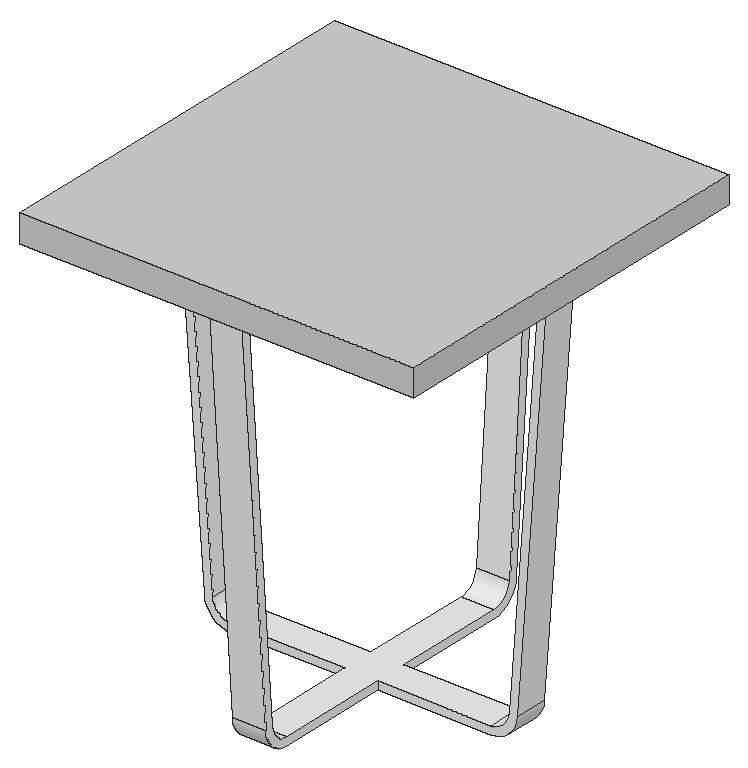
Revit family
Parameters (values of type "18"")
  Width = 1' - 6"
  URL = "http://elanbydecca.com/"
  Top [instance] = Furniture - DECCA (Elan) - Float - Top
  Base [instance] = Furniture - DECCA (Elan) - Float - Base
  Product URL = "http://elanbydecca.com/PDFs/elan_tearsheet-float.pdf"
  Model = "FT ST200"
  Manufacturer = "Decca Contract"
  Height = 1' - 8"  # constant formula
  Description = "Float Side Table"
  Depth = Width  # 1' - 6"
  Assembly Description = "Furniture & Accessories"
  Assembly Code = "E2020200"
Types (4): name | Width | Model | Depth
  (no name) | 1' - 6" | "FT ST200" | 1' - 6"
  18" | 1' - 6" | "FT ST200" | 1' - 6"
  20" | 1' - 8" | "FT ST205" | 1' - 8"
  24" | 2' - 0" | "FT ST210" | 2' - 0"
Reference planes (in)
  plane 1 "Center Front/Back": y = -0.7524
  plane 2: z = 0
  plane 3 "Center Left/Right": x = 0
  plane 4 "L": x = -9
  plane 5 "R": x = 9
  plane 6 "F": y = -9.7524
  plane 7: y = 8.2476
  plane 8: through (-6.25338, 2.33237, 23.38953) normal (0.4297, -0.4297, 0.7941)
  plane 9 "ST": z = 20
  plane 10: z = 0.25
  plane 11: x = -0.75
  plane 12: x = 0.75
  plane 13: y = -0.0024
  plane 14: y = -1.5024
  plane 15: z = 18.75
  plane 16: x = -3
  plane 17: x = 3
  plane 18: y = -3.7524
  plane 19: y = 2.2476
Forms (in)
  Extrusion 1, solid, material "Furniture - DECCA (Elan) - Float - Base" <- "Base"
    sketch origin (0, 0, 0) x (0, 1, 0) y (0, 0, 1)
      loop
        line (7.74127, 18.75) -> (-9.24607, 18.75) -> (-7.92377, 1.40498)
        arc (-7.92377, 1.40498) -> (-7.52701, 0.58314) -> (-6.67738, 0.25) r 1.25
        line (-6.67738, 0.25) -> (5.17258, 0.25)
        arc (5.17258, 0.25) -> (6.02221, 0.58314) -> (6.41897, 1.40498) r 1.25
        line (6.41897, 1.40498) -> (7.74127, 18.75)
      loop
        line (7.33659, 18.375) -> (-8.84139, 18.375) -> (-7.54985, 1.43349)
        arc (-7.54985, 1.43349) -> (-7.27212, 0.8582) -> (-6.67738, 0.625) r 0.875
        line (-6.67738, 0.625) -> (5.17258, 0.625)
        arc (5.17258, 0.625) -> (5.76732, 0.8582) -> (6.04505, 1.43349) r 0.875
        line (6.04505, 1.43349) -> (7.33659, 18.375)
    from -0.75 to 0.75
  Extrusion 2, solid, material "Furniture - DECCA (Elan) - Float - Base" <- "Base"
    sketch origin (0, -16.42176, 0) x (1, 0, 0) y (0, 0, -1)
      loop
        line (-7.17333, -1.40498) -> (-8.49563, -18.75) -> (8.49563, -18.75) -> (7.17333, -1.40498)
        arc (7.17333, -1.40498) -> (6.77657, -0.58314) -> (5.92694, -0.25) r 1.25
        line (5.92694, -0.25) -> (-5.92694, -0.25)
        arc (-5.92694, -0.25) -> (-6.77657, -0.58314) -> (-7.17333, -1.40498) r 1.25
      loop
        line (-8.09095, -18.375) -> (8.09095, -18.375) -> (6.79941, -1.43349)
        arc (6.79941, -1.43349) -> (6.52168, -0.8582) -> (5.92694, -0.625) r 0.875
        line (5.92694, -0.625) -> (-5.92694, -0.625)
        arc (-5.92694, -0.625) -> (-6.52168, -0.8582) -> (-6.79941, -1.43349) r 0.875
        line (-6.79941, -1.43349) -> (-8.09095, -18.375)
    from 14.91936 to 16.41936
  Extrusion 3, solid, material "Furniture - DECCA (Elan) - Float - Top" <- "Top"
    sketch origin (0, 0, 20) x (-1, 0, 0) y (0, -1, 0)
      loop
        line (9, -8.2476) -> (9, 9.7524) -> (-9, 9.7524) -> (-9, -8.2476) -> (9, -8.2476)
    from -1.25 to 0
  Extrusion 4, solid, material "Furniture - DECCA (Elan) - Float - Base" <- "Base"
    sketch origin (0, 0, 20) x (-1, 0, 0) y (0, -1, 0)
      loop
        circle (0, -2.2476) r 0.125
      loop
        circle (-3, 0.7524) r 0.125
      loop
        circle (0, 3.7524) r 0.125
      loop
        circle (3, 0.7524) r 0.125
    from -20 to -19.75
Cuts and joins
  joined: Extrusion 1, Extrusion 2, Extrusion 4
Lines and regions (in)
  reference lines
    curve 1: line (-7.06622, -0.7524, 0) -> (-8.49563, -0.7524, 18.75)
    curve 2: line (7.06622, -0.7524, 0) -> (8.49563, -0.7524, 18.75)
    curve 3: line (0, 7.74127, 18.75) -> (0, 6.31186, 0)
    curve 4: line (0, -9.24607, 18.75) -> (0, -7.81666, 0)
Dimensions and locks (in)
  equal spacing: plane 4 "L", plane 3 "Center Left/Right", plane 5 "R"
  equal spacing: plane 7, plane 1 "Center Front/Back", plane 6 "F"
  "Width": plane 4 "L" to plane 5 "R"
  "Depth": plane 7 to plane 6 "F"
  "Height": plane 9 "ST" to level
  plane 13 to plane 1 "Center Front/Back" to plane 14 = 0' - 0 3/4" locked, 0' - 0 3/4" locked
  plane 11 to plane 3 "Center Left/Right" to plane 12 = 0' - 0 3/4" locked, 0' - 0 3/4" locked
  locked: plane 9 "ST" to plane 15 at 1.25
  locked: curve 1 to plane 4 "L" at 1.93378
  locked: curve 1 to plane 4 "L" at 0.50437
  locked: curve 2 to plane 5 "R" at 0.50437
  locked: curve 2 to plane 5 "R" at 1.93378
  locked: plane 7 to curve 3 at 0.50633
  locked: plane 7 to curve 3 at 1.93574
  locked: curve 4 to plane 6 "F" at 0.50633
  locked: curve 4 to plane 6 "F" at 1.93574
  equal spacing: plane 4 "L", plane 16, plane 17, plane 5 "R"
  equal spacing: plane 7, plane 19, plane 18, plane 6 "F"
  aligned and locked: plane 15 to curve 3
  aligned and locked: level to curve 3
  aligned and locked: Extrusion 1 to plane 11
  aligned and locked: Extrusion 1 to plane 12
  aligned and locked: Extrusion 2 to plane 13
  aligned and locked: Extrusion 2 to plane 14
  aligned and locked: Extrusion 3 to plane 15
  aligned and locked: plane 9 "ST" to Extrusion 3
  aligned and locked: Extrusion 4 to level
  aligned and locked: plane 10 to Extrusion 4
  aligned: Extrusion 2 to Extrusion 1
  aligned and locked: curve 1 to Extrusion 2 sketch curve
  aligned and locked: curve 2 to Extrusion 2 sketch curve
  aligned and locked: plane 15 to Extrusion 2 sketch curve
  aligned and locked: plane 10 to Extrusion 2 sketch curve
  aligned and locked: plane 15 to Extrusion 1 sketch curve
  aligned and locked: Extrusion 1 sketch curve to curve 3
  aligned and locked: Extrusion 1 sketch curve to curve 4
  aligned and locked: plane 10 to Extrusion 1 sketch curve
  aligned and locked: Extrusion 3 sketch curve to plane 7
  aligned and locked: Extrusion 3 sketch curve to plane 4 "L"
  aligned and locked: Extrusion 3 sketch curve to plane 6 "F"
  aligned and locked: plane 5 "R" to Extrusion 3 sketch curve
Automatic sketch dimensions
  curve 4 to plane 15 = 0' - 0"
  curve 4 to level = 0' - 0"
  curve 1 to plane 15 = 0' - 0"
  curve 1 to level = 0' - 0"
  curve 2 to level = 0' - 0"
  curve 2 to plane 15 = 0' - 0"
  plane 1 "Center Front/Back" to Extrusion 4 sketch curve = 0' - 0"  (x2)
  Extrusion 4 sketch curve to plane 17 = 0' - 0"
  Extrusion 4 sketch curve to plane 3 "Center Left/Right" = 0' - 0"  (x2)
  Extrusion 4 sketch curve to plane 16 = 0' - 0"
  plane 19 to Extrusion 4 sketch curve = 0' - 0"
  Extrusion 4 sketch curve to plane 18 = 0' - 0"
  Extrusion 2 sketch curve to plane 10 = 0' - 1.15498"  (x2)
  Extrusion 2 sketch curve to plane 10 = 0' - 1 1/4"
  Extrusion 2 sketch curve to plane 5 "R" = 0' - 3.07306"
  plane 15 to Extrusion 2 sketch curve = 0' - 0 3/8"
  Extrusion 2 sketch curve to Extrusion 2 sketch curve = 0' - 0.37392"
  Extrusion 2 sketch curve to Extrusion 2 sketch curve = 0' - 0.40468"  (x2)
  Extrusion 2 sketch curve to Extrusion 2 sketch curve = 0' - 0.02851"  (x2)
  Extrusion 2 sketch curve to Extrusion 2 sketch curve = 0' - 0"  (x4)
  plane 10 to Extrusion 1 sketch curve = 0' - 1.15498"  (x2)
  plane 10 to Extrusion 1 sketch curve = 0' - 1 1/4"  (x2)
  Extrusion 1 sketch curve to plane 15 = 0' - 0 3/8"
  Extrusion 1 sketch curve to Extrusion 1 sketch curve = 0' - 0.40468"  (x2)
  Extrusion 1 sketch curve to Extrusion 1 sketch curve = 0' - 0.02851"  (x2)
  Extrusion 1 sketch curve to Extrusion 1 sketch curve = 0' - 0"  (x4)
  Extrusion 1 sketch curve to Extrusion 1 sketch curve = 0' - 0.37392"
  radius of Extrusion 4 sketch curve = 0' - 0 1/8"  (x4)
